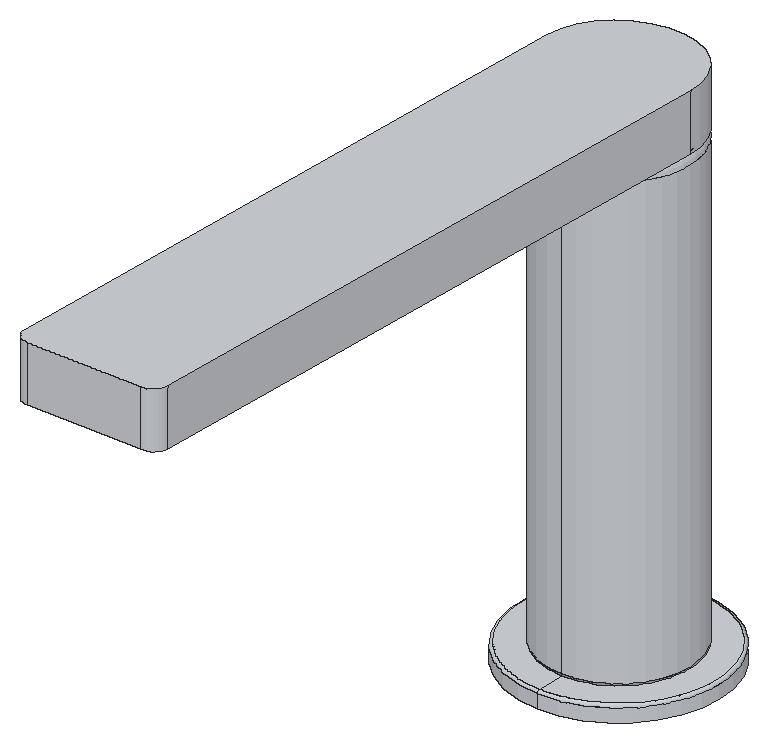
Revit family "Faucet_Touchless-Lavatory-KOHLER-Composed-K-103C36", category Plumbing Fixtures, host Face, Revit 2015
Parameters (values of type "CP-Polished Chrome")
  Width = 2"  # constant formula
  WaterSense Certified = 1 = 0  # no
  Waste Water Outlet = "Waste Water Outlet"  # constant formula
  Waste Connection = 1 = 0  # no
  Voltage = 120 V  # constant formula
  Vent Connection = 1 = 0  # no
  URL = "https://www.us.kohler.com/us/"
  Spout Reach = Length  # 5 13/16"
  Product Page URL = "http://www.us.kohler.com/us/catalog/productDetails.jsp?productNumber=103C36-SANA"
  Product Name = "Composed"  # constant formula
  Product Documentation Link = "https://www.us.kohler.com/webassets/kpna/catalog/pdf/en/K-103C36-SANA_spec.pdf"
  Pressure = 60.00 psi  # constant formula
  Model = "K-103C36-SANA-CP"  # constant formula
  Material = "Metal Construction"  # constant formula
  MasterFormat 2004 = "22.41.39"  # constant formula
  MasterFormat 1995 = "15410"  # constant formula
  Manufacturer Address = "444 Highland Dr, Kohler, WI 53044"  # constant formula
  Manufacturer = "KOHLER Co."  # constant formula
  Length = 5 13/16"  # constant formula
  Hot Water Inlet = "Hot Water Inlet"  # constant formula
  Height = 5 1/2"  # constant formula
  HW Connection = 1 = 1  # yes
  Flow Rate = 0.5 GPM  # constant formula
  Finish = Kohler-Metal-CP-Polished_Chrome
  Environmental Product Declaration = ""
  Electrical Note = "One circuit required, protected with Class A Ground-Fault\r\nCircuit-Interrupter (GFCI) or Residual Current Device (RCD)"  # constant formula
  Electrical Connector = 1 = 1  # yes
  Drain Included = 1 = 1  # yes
  Description = "Touchless bathroom sink faucet with Kinesis sensor technology, AC-powered"  # constant formula
  Default Elevation = 36"
  Declare Label = ""
  Date Modified = "01/28/2019"  # constant formula
  Date Created = "01/28/2019"  # constant formula
  Copyright = "Copyright KOHLER Co."  # constant formula
  Contact Us = "https://www.us.kohler.com/us/static/contact.jsp"
  Cold Water Inlet = "Cold Water Inlet"  # constant formula
  CW Connection = 1 = 1  # yes
  Assembly Code = "D2010"
  Apparent Load = 15 A * Voltage  # 1800 VA
  ADA Compliant = 1 = 1  # yes
Reference planes (in)
  plane 1 "Center (Front/Back)": y = -0.227536
  plane 2: z = 0
  plane 3 "Center (Left/Right)": x = 0
  plane 4: x = -1
  plane 5: x = 1
  plane 6: y = -6.040036
  plane 7: z = 5.5
  plane 8: z = 4.875
  plane 9: y = 0.772464
  plane 10: y = -1.227536
Dimensions and locks (in)
  "Width": plane 4 to plane 5
  "Length": plane 1 "Center (Front/Back)" to plane 6
  "Height": plane 7 to plane 2
  locked: plane 8 to plane 2 at 4.875
  aligned and locked: host face to plane 2
  aligned and locked: host face to level
Automatic sketch dimensions
  host sketch curve to host sketch curve = 96"  (x2)
Nested families (in)
  nested 1: "K-103C36" at (0, -0.227536, 0), type "K-103C36"
Connectors (in)
  piping at (-0.3137894, -0.227536, 0), diameter 0.375, driven by "Flow Rate", driven by "Pressure", driven by "HW Connection", driven by "Hot Water Inlet"
    settings: on nested 1, index 1, connector inside diameter 24", connector length 0", flow factor 0, pipe flow 0.5 GPM, pressure drop 60.00 psi, fitting loss kfactor 0, connector angle 0.00°, fixture units 0, engagement length 0", angle of deflection 0.00°, flow configuration 1, flow direction 1, fitting loss method 4, system type 19, joint type 0, gender type 0, connector reference index -1, connector utility 1, adjustable connector no, is connector primary yes, connector description "Hot Water Inlet"
  piping at (0.3137894, -0.227536, 0), diameter 0.375, driven by "Flow Rate", driven by "Pressure", driven by "CW Connection", driven by "Cold Water Inlet"
    settings: on nested 1, index 2, connector inside diameter 24", connector length 0", flow factor 0, pipe flow 0.5 GPM, pressure drop 60.00 psi, fitting loss kfactor 0, connector angle 0.00°, fixture units 0, engagement length 0", angle of deflection 0.00°, flow configuration 1, flow direction 1, fitting loss method 4, system type 20, joint type 0, gender type 0, connector reference index -1, connector utility 1, adjustable connector no, is connector primary no, connector description "Cold Water Inlet"
  electrical at (0, 0.3679375, 0), driven by "Voltage", driven by "Apparent Load", driven by "Electrical Connector", driven by "Electrical Note"
    settings: on nested 1, index 3, voltage 120 V, apparent load 1800 VA, apparent load phase1 0 VA, apparent load phase2 0 VA, apparent load phase3 0 VA, power factor 1, load classification "Power", number of poles 1, system type 30, power factor state 1, is connector primary yes, connector utility yes, sub classification motor no, connector description "One circuit required, protected with Class A Ground-Fault\r\nCircuit-Interrupter (GFCI) or Residual Current Device (RCD)"
Definition of nested family "K-103C36"
  Parameters (values of type "K-103C36")
    Material = none
  Reference planes (in)
    plane 1 "Center (Front/Back)": y = 0
    plane 2: z = 0
    plane 3 "Center (Left/Right)": x = 0
    plane 4: x = -1
    plane 5: x = 1
    plane 6: y = 1
    plane 7: y = -1
    plane 8: y = -5.8125
    plane 9: z = 5.5
    plane 10: z = 4.875
  Forms (in)
    Revolve 1, solid, material <- "Material", detail levels medium+fine
      sketch origin (0, 0, 0) x (0, 1, 0) y (0, 0, 1)
        loop
          line (0, 0) -> (0, 4.7824803) -> (-0.544109, 4.7824803)
          arc (-0.544109, 4.7824803) -> (-0.6604651, 4.734284) -> (-0.7086614, 4.6179279) r 0.1645524
          line (-0.7086614, 4.6179279) -> (-0.7086614, 0.18107)
          arc (-0.7086614, 0.18107) -> (-0.7017522, 0.1643896) -> (-0.6850717, 0.1574803) r 0.0235897
          line (-0.6850717, 0.1574803) -> (-0.9719121, 0.1574803)
          arc (-0.9719121, 0.1574803) -> (-0.9917732, 0.1492536) -> (-1, 0.1293924) r 0.0280879
          line (-1, 0.1293924) -> (-1, 0) -> (0, 0)
        axis (0, 4.7824803) -> (0, 0)
      angle from 0 to 360
    Extrusion 2, solid, material <- "Material", detail levels medium+fine
      sketch origin (0, 0, 0) x (1, 0, 0) y (0, 1, 0)
        loop
          line (-0.7086614, 0.0012146) -> (-0.7086614, -6.444936)
          arc (-0.7086614, -6.444936) -> (-0.6644123, -6.5517629) -> (-0.5575854, -6.596012) r 0.151076
          line (-0.5575854, -6.596012) -> (0.5563177, -6.596012)
          arc (0.5563177, -6.596012) -> (0.664041, -6.5513916) -> (0.7086614, -6.4436683) r 0.1523438
          line (0.7086614, -6.4436683) -> (0.7086614, 0.0012146)
          arc (0.7086614, 0.0012146) -> (0, 0.709876) -> (-0.7086614, 0.0012146) r 0.7086614
      from 4.5411757 to 6.0929439
    Extrusion 3, void
      sketch origin (0, 0, 0) x (0, 1, 0) y (0, 0, 1)
        loop
          line (0.903988, 5.2398514) -> (0.903988, 6.1945064) -> (-6.612562, 6.1945064) -> (-6.612562, 5.5023351) -> (0.903988, 5.2398514)
        loop
          line (0.903988, 4.6856758) -> (-6.612562, 4.9481595) -> (-6.612562, 4.4356758) -> (0.903988, 4.4356758) -> (0.903988, 4.6856758)
      from -0.8896644 to 0.9573223
    Extrusion 4, void
      sketch origin (0, 0, 0) x (0, 1, 0) y (0, 0, 1)
        loop
          line (0.7915281, 4.689603) -> (0.7915281, 4.967946) -> (-0.8288753, 4.967946) -> (-0.8288753, 4.7461888) -> (0.7915281, 4.689603)
      from -0.8376348 to 0.8524523
    Revolve 5, solid, material <- "Material", detail levels medium+fine
      sketch origin (0, 0, 0) x (0, 1, 0) y (0, 0, 1)
        loop
          line (-5.8125, 4.875) -> (-5.4659123, 4.8013305) -> (-5.453634, 4.8590951) -> (-5.4146293, 4.8508044)
          arc (-5.4146293, 4.8508044) -> (-5.3852571, 4.8562482) -> (-5.3683372, 4.8808668) r 0.0390302
          line (-5.3683372, 4.8808668) -> (-5.3498006, 4.9680749) -> (-5.7735703, 5.0581499) -> (-5.8125, 4.875)
        axis (-5.8125, 4.875) -> (-5.7735703, 5.0581499)
      angle from 0 to 360
    Revolve 6, void
      sketch origin (0, 0, 0) x (0, 1, 0) y (0, 0, 1)
        loop
          line (-6.2393129, 5.1571465) -> (-6.3056465, 4.8450716) -> (-5.8435295, 4.7468456) -> (-5.777196, 5.0589206) -> (-6.2393129, 5.1571465)
        axis (-5.8435295, 4.7468456) -> (-5.777196, 5.0589206)
      angle from 0 to 360
    Sweep 7, solid, detail levels medium+fine
      path origin (0, -0.1755323, -0.1560424) x (1, 0, 0) y (0, 0.999391, -0.034899)
        loop
          line (-0.4724409, -4.4204363) -> (-0.4724409, -4.6947593)
          arc (-0.4724409, -4.6947593) -> (0, -5.1672002) -> (0.4724409, -4.6947593) r 0.4724409
          line (0.4724409, -4.6947593) -> (0.4724409, -4.4204363)
          arc (0.4724409, -4.4204363) -> (0, -3.9479953) -> (-0.4724409, -4.4204363) r 0.4724409
      profile origin (-0.4724409, -4.7303537, 0.0030155) x (1, 0, 0) y (0, 0.034899, 0.999391)
        loop
          line (0, 5.0869223) -> (0, 4.8921985)
          arc (0, 4.8921985) -> (0.0231165, 4.8363902) -> (0.0789248, 4.8132737) r 0.0789248
          line (0.0789248, 4.8132737) -> (0.3224586, 4.8132737) -> (0.3224586, 5.0869223) -> (0, 5.0869223)
    Extrusion 8, solid, detail levels medium+fine
      sketch origin (0, -0.1755323, -0.1560424) x (1, 0, 0) y (0, 0.999391, -0.034899)
        loop
          line (-0.1499823, -4.4204363) -> (-0.1499823, -4.6947593)
          arc (-0.1499823, -4.6947593) -> (0, -4.8447416) -> (0.1499823, -4.6947593) r 0.1499823
          line (0.1499823, -4.6947593) -> (0.1499823, -4.4204363)
          arc (0.1499823, -4.4204363) -> (0, -4.270454) -> (-0.1499823, -4.4204363) r 0.1499823
      from 4.8132737 to 5.0869223
    Revolve 9, solid, material <- "Material", detail levels coarse
      sketch origin (0, 0, 0) x (0, 1, 0) y (0, 0, 1)
        loop
          line (0, 0) -> (0, 4.732736) -> (-0.7086613, 4.732736) -> (-0.7086613, 0.2685076) -> (-1, 0.2685076) -> (-1, 0) -> (0, 0)
        axis (0, 4.732736) -> (0, 0)
      angle from 0 to 360
    Extrusion 10, solid, material <- "Material", detail levels coarse
      sketch origin (0, 0, 0) x (1, 0, 0) y (0, 1, 0)
        loop
          line (-0.7086614, 0.0012146) -> (-0.7086614, -6.596012) -> (0.7086614, -6.596012) -> (0.7086614, 0.0012146)
          arc (0.7086614, 0.0012146) -> (0, 0.709876) -> (-0.7086614, 0.0012146) r 0.7086614
      from 4.732736 to 5.516422
    Extrusion 11, solid, material <- "Material", detail levels medium+fine
      sketch origin (0, 0, 0) x (1, 0, 0) y (0, 1, 0)
        loop
          circle (0, 0.5954735) r 0.0895982
        loop
          circle (-0.3137894, 0) r 0.125
        loop
          circle (0.3137894, 0) r 0.1240207
      from 0 to 0.0523663
  Cuts and joins
    Extrusion 4 cuts Revolve 1
    Extrusion 3, Revolve 6 cuts Extrusion 2
    joined: Revolve 1, Extrusion 2, Revolve 5
    joined: Sweep 7, Extrusion 8
    joined: Revolve 9, Extrusion 10
  Lines and regions (in)
    Masking region 1
      outline origin (0, 0, 0) x (0, 1, 0) y (0, 0, 1)
        loop
          line (-1, 0) -> (1, 0) -> (1, 0.1278854)
          arc (1, 0.1278854) -> (0.9913319, 0.1488122) -> (0.9704051, 0.1574803) r 0.0295949
          line (0.9704051, 0.1574803) -> (0.6850717, 0.1574803)
          arc (0.6850717, 0.1574803) -> (0.7019645, 0.1669842) -> (0.7086613, 0.1851733) r 0.0280499
          line (0.7086613, 0.1851733) -> (0.7086613, 4.6643988)
          arc (0.7086613, 4.6643988) -> (0.7036108, 4.6815142) -> (0.6900775, 4.6931457) r 0.031526
          arc (0.6900775, 4.6931457) -> (0.7044288, 4.7047864) -> (0.7098267, 4.7224592) r 0.0316294
          line (0.7098267, 4.7224592) -> (0.7098267, 5.2448745) -> (-6.596012, 5.5) -> (-6.596012, 4.9475816) -> (-6.0670701, 4.9291105) -> (-5.4659123, 4.8013305) -> (-5.453634, 4.8590951) -> (-5.4022828, 4.8481801)
          arc (-5.4022828, 4.8481801) -> (-5.3824156, 4.8518622) -> (-5.370971, 4.8685142) r 0.0263998
          line (-5.370971, 4.8685142) -> (-5.3633146, 4.9045349) -> (-5.1684212, 4.897729)
          arc (-5.1684212, 4.897729) -> (-5.1422762, 4.8513247) -> (-5.0927312, 4.8317743) r 0.0796469
          line (-5.0927312, 4.8317743) -> (-4.0352436, 4.794846)
          arc (-4.0352436, 4.794846) -> (-3.9834382, 4.8107571) -> (-3.9525247, 4.855269) r 0.0829212
          line (-3.9525247, 4.855269) -> (-0.6454879, 4.7397847)
          arc (-0.6454879, 4.7397847) -> (-0.6904027, 4.7185294) -> (-0.7086613, 4.6723152) r 0.0676156
          line (-0.7086613, 4.6723152) -> (-0.7086613, 0.1851733)
          arc (-0.7086613, 0.1851733) -> (-0.7019645, 0.1669842) -> (-0.6850717, 0.1574803) r 0.0280499
          line (-0.6850717, 0.1574803) -> (-0.9704051, 0.1574803)
          arc (-0.9704051, 0.1574803) -> (-0.9913319, 0.1488122) -> (-1, 0.1278854) r 0.0295949
          line (-1, 0.1278854) -> (-1, 0)
    Masking region 2
      outline origin (0, 0, 0) x (1, 0, 0) y (0, 0, 1)
        loop
          line (1, 0) -> (1, 0.1306397)
          arc (1, 0.1306397) -> (0.9921386, 0.1496189) -> (0.9731593, 0.1574803) r 0.0268407
          line (0.9731593, 0.1574803) -> (0.6850717, 0.1574803)
          arc (0.6850717, 0.1574803) -> (0.7018232, 0.1651884) -> (0.7086603, 0.1823138) r 0.0248664
          line (0.7086603, 0.1823138) -> (0.7086603, 4.6698931)
          arc (0.7086603, 4.6698931) -> (0.6978357, 4.7003753) -> (0.6702106, 4.7172035) r 0.0483314
          arc (0.6702106, 4.7172035) -> (0.6972775, 4.7272519) -> (0.7086564, 4.7537868) r 0.0366284
          line (0.7086564, 4.7537868) -> (0.7086564, 5.4648438)
          arc (0.7086564, 5.4648438) -> (0.6983594, 5.489703) -> (0.6735002, 5.5) r 0.0351563
          line (0.6735002, 5.5) -> (-0.6719845, 5.5)
          arc (-0.6719845, 5.5) -> (-0.6979155, 5.489259) -> (-0.7086564, 5.4633281) r 0.0366719
          line (-0.7086564, 5.4633281) -> (-0.7086564, 4.7537868)
          arc (-0.7086564, 4.7537868) -> (-0.6972775, 4.7272519) -> (-0.6702106, 4.7172035) r 0.0366284
          arc (-0.6702106, 4.7172035) -> (-0.6978357, 4.7003753) -> (-0.7086603, 4.6698931) r 0.0483314
          line (-0.7086603, 4.6698931) -> (-0.7086603, 0.1823138)
          arc (-0.7086603, 0.1823138) -> (-0.7018232, 0.1651884) -> (-0.6850717, 0.1574803) r 0.0248664
          line (-0.6850717, 0.1574803) -> (-0.9731593, 0.1574803)
          arc (-0.9731593, 0.1574803) -> (-0.9921386, 0.1496189) -> (-1, 0.1306397) r 0.0268407
          line (-1, 0.1306397) -> (-1, 0) -> (1, 0)
    Masking region 3
      outline origin (0, 0, 0) x (1, 0, 0) y (0, 1, 0)
        loop
          arc (-1, 0) -> (-0.924284, -0.3817054) -> (-0.7086019, -0.7056085) r 1
          line (-0.7086019, -0.7056085) -> (-0.7086019, -6.4480621)
          arc (-0.7086019, -6.4480621) -> (-0.6652684, -6.5526785) -> (-0.560652, -6.596012) r 0.1479499
          line (-0.560652, -6.596012) -> (0.5609419, -6.596012)
          arc (0.5609419, -6.596012) -> (0.6653533, -6.5527634) -> (0.7086019, -6.448352) r 0.14766
          line (0.7086019, -6.448352) -> (0.7086019, -0.7056085)
          arc (0.7086019, -0.7056085) -> (0.924284, -0.3817054) -> (1, 0) r 1
          arc (1, 0) -> (0.7071068, 0.7071068) -> (0, 1) r 1
          arc (0, 1) -> (-0.7071068, 0.7071068) -> (-1, 0) r 1
    symbolic lines, detail levels medium+fine
      curve 1: line (0, 0.6900775, 4.6931457) -> (0, -0.6541152, 4.740086)
      curve 2: line (0, -3.9525247, 4.855269) -> (0, -5.1678119, 4.8977078)
      curve 3: line (0, -6.0670701, 4.9291105) -> (0, -5.3633146, 4.9045349)
      curve 4: line (0, -5.453634, 4.8590951) -> (0, -5.7271924, 4.9172418)
      curve 5: line (0, 0.6850717, 0.1574803) -> (0, -0.6850717, 0.1574803)
      curve 6: arc (-0.6702106, 0, 4.7172035) -> (0, 0, 4.7400858) -> (0.6702106, 0, 4.7172035) r 9.8265124
      curve 7: line (-0.7086564, 0, 4.9475816) -> (0.7086564, 0, 4.9475816)
      curve 8: spline (0, 0, 4.8013305) -> (-0.0867906, 0, 4.8035747) -> (-0.1682936, 0, 4.8101704) -> (-0.2395433, 0, 4.8207158) -> (-0.2961989, 0, 4.8345685) -> (-0.3348086, 0, 4.8508845) -> (-0.3530202, 0, 4.8686697) -> (-0.3497241, 0, 4.8868406) -> (-0.3251211, 0, 4.9042901) -> (-0.2807102, 0, 4.9199551) -> (-0.2191971, 0, 4.9328812) -> (-0.1443295, 0, 4.942281) -> (-0.0606686, 0, 4.9475816)
      curve 9: spline (0.0606686, 0, 4.9475816) -> (0.1443295, 0, 4.942281) -> (0.2191971, 0, 4.9328812) -> (0.2807102, 0, 4.9199551) -> (0.3251211, 0, 4.9042901) -> (0.3497241, 0, 4.8868406) -> (0.3530202, 0, 4.8686697) -> (0.3348086, 0, 4.8508845) -> (0.2961989, 0, 4.8345685) -> (0.2395433, 0, 4.8207158) -> (0.1682936, 0, 4.8101704) -> (0.0867906, 0, 4.8035747) -> (0, 0, 4.8013305)
      curve 10: line (-0.3543307, 0, 4.875) -> (-0.3543307, 0, 4.9310672)
      curve 11: spline (-0.4278082, 0, 4.912897) -> (-0.4504798, 0, 4.9149145) -> (-0.465511, 0, 4.9170172) -> (-0.4726512, 0, 4.91917) -> (-0.4717813, 0, 4.921337) -> (-0.4629158, 0, 4.9234819) -> (-0.4462025, 0, 4.9255691) -> (-0.4219203, 0, 4.9275637) -> (-0.3904742, 0, 4.9294325) -> (-0.3523889, 0, 4.9311442) -> (-0.3082997, 0, 4.9326703) -> (-0.258942, 0, 4.9339854) -> (-0.2051393, 0, 4.9350675)
      curve 12: arc (-0.3543307, 0, 4.8933369) -> (-0.3870881, 0, 4.9061721) -> (-0.414642, 0, 4.9280485) r 0.1186557
      curve 13: arc (-0.3946472, 0, 4.9109095) -> (-0.4112349, 0, 4.9117834) -> (-0.4278082, 0, 4.912897) r 1.1496472
      curve 14: arc (-0.3543307, 0, 4.8933369) -> (-0.4099091, 0, 4.8898149) -> (-0.4652548, 0, 4.8836323) r 1.1612082
      curve 15: arc (-0.2027553, 0, 4.7968035) -> (-0.1013831, 0, 4.795221) -> (0, 0, 4.7946934) r 9.7426592
      curve 16: arc (-0.3891994, 0, 4.8066884) -> (-0.2960568, 0, 4.800247) -> (-0.2027553, 0, 4.7968035) r 2.9036325
      curve 17: arc (-0.4719201, 0, 4.8752619) -> (-0.4412982, 0, 4.8280212) -> (-0.3891994, 0, 4.8066884) r 0.0941804
      curve 18: arc (-0.4719201, 0, 4.8752619) -> (-0.4707241, 0, 4.8811485) -> (-0.4652548, 0, 4.8836323) r 0.0066053
      curve 19: line (0.3543307, 0, 4.875) -> (0.3543307, 0, 4.9310672)
      curve 20: spline (0.4278082, 0, 4.912897) -> (0.4504798, 0, 4.9149145) -> (0.465511, 0, 4.9170172) -> (0.4726512, 0, 4.91917) -> (0.4717813, 0, 4.921337) -> (0.4629158, 0, 4.9234819) -> (0.4462025, 0, 4.9255691) -> (0.4219203, 0, 4.9275637) -> (0.3904742, 0, 4.9294325) -> (0.3523889, 0, 4.9311442) -> (0.3082997, 0, 4.9326703) -> (0.258942, 0, 4.9339854) -> (0.2051393, 0, 4.9350675)
      curve 21: arc (0.3543307, 0, 4.8933369) -> (0.3870881, 0, 4.9061721) -> (0.414642, 0, 4.9280485) r 0.1186557
      curve 22: arc (0.3946472, 0, 4.9109095) -> (0.4112349, 0, 4.9117834) -> (0.4278082, 0, 4.912897) r 1.1496472
      curve 23: arc (0.3543307, 0, 4.8933369) -> (0.4099091, 0, 4.8898149) -> (0.4652548, 0, 4.8836323) r 1.1612082
      curve 24: arc (0.2027553, 0, 4.7968035) -> (0.1013831, 0, 4.795221) -> (0, 0, 4.7946934) r 9.7426592
      curve 25: arc (0.3891994, 0, 4.8066884) -> (0.2960568, 0, 4.800247) -> (0.2027553, 0, 4.7968035) r 2.9036325
      curve 26: arc (0.4719201, 0, 4.8752619) -> (0.4412982, 0, 4.8280212) -> (0.3891994, 0, 4.8066884) r 0.0941804
      curve 27: arc (0.4719201, 0, 4.8752619) -> (0.4707241, 0, 4.8811485) -> (0.4652548, 0, 4.8836323) r 0.0066053
      curve 28: line (-0.6850717, 0, 0.1574803) -> (0.6850717, 0, 0.1574803)
      curve 29: line (-0.7086019, -0.7056085, 0) -> (-0.7086019, 0.0012147, 0)
      curve 30: line (0.7086019, -0.7056085, 0) -> (0.7086019, 0.0012147, 0)
      curve 31: arc (-0.7086019, 0.0012147, 0) -> (0, 0.7098166, 0) -> (0.7086019, 0.0012147, 0) r 0.7086019
  Dimensions and locks (in)
    locked: plane 4 to plane 5 at 2
    locked: plane 6 to plane 7 at 2
    locked: plane 1 "Center (Front/Back)" to plane 8 at 5.8125
    locked: plane 9 to plane 2 at 5.5
    locked: plane 10 to plane 2 at 4.875
    aligned and locked: plane 2 to level
